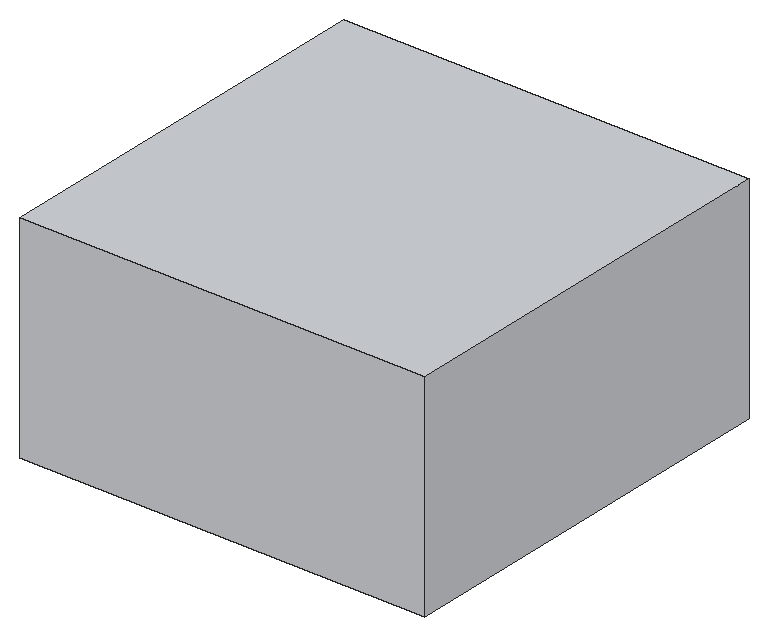
Revit family "f346de48358147efb2a7b675535beee2", category Electrical Fixtures, Revit 2021
Family settings
  Maintain Annotation Orientation = No
  Round Connector Dimension = Use Diameter
  Part Type = Junction Box
  OmniClass Number = 23.80.30.14.24
  OmniClass Title = Junction Boxes
  Seek Item ID = Junction Boxes - Load-0000-USA-ENU
  Work Plane-Based = No
  Always vertical = Yes
  Cut with Voids When Loaded = No
  Shared = No
  Room Calculation Point = No
Parameters (values of type "4" Square 120 - 1")
  Width = 0' - 4"
  Voltage = 120 V
  Power Factor [instance] = 1
  Number of Poles = 1
  Load Classification = Power
  Load [instance] = 500 VA
  Height = 0' - 4"
  Depth = 0' - 2 1/8"
  Default Elevation = 0' - 0"
Types (7): name | Voltage | Number of Poles
  (no name) | 120 V | 1
  4" Square 120 - 1 | 120 V | 1
  4" Square 208 - 2 | 208 V | 2
  4" Square 208- 3 | 208 V | 3
  4" Square 277- 1 | 277 V | 1
  4" Square 480- 2 | 480 V | 2
  4" Square 480- 3 | 480 V | 3
Reference planes (in)
  plane 1 "Center (Front/Back)": y = 0
  plane 2: z = 0
  plane 3 "Center (Left/Right)": x = 0
  plane 4: y = 2
  plane 5: y = -2
  plane 6: x = -2
  plane 7: x = 2
  plane 8: z = 2.125
Forms (in)
  Extrusion 1, solid
    sketch origin (0, 0, 0) x (1, 0, 0) y (0, 1, 0)
      loop
        line (-2, 2) -> (-2, -2) -> (2, -2) -> (2, 2) -> (-2, 2)
    from 0 to 2.125
Lines and regions (in)
  symbolic lines, detail levels fine
    curve 1: line (-2, 2, 0) -> (2, 2, 0)
    curve 2: line (-2, -2, 0) -> (-2, 2, 0)
    curve 3: line (2, -2, 0) -> (-2, -2, 0)
    curve 4: line (2, 2, 0) -> (2, -2, 0)
Dimensions and locks (in)
  equal spacing: plane 6, plane 3 "Center (Left/Right)", plane 7
  equal spacing: plane 4, plane 1 "Center (Front/Back)", plane 5
  "Height": plane 6 to plane 7
  "Width": plane 4 to plane 5
  "Depth": level to plane 8
  aligned and locked: plane 6 to Extrusion 1 sketch curve
  aligned and locked: Extrusion 1 sketch curve to plane 4
  aligned and locked: plane 5 to Extrusion 1 sketch curve
  aligned and locked: plane 7 to Extrusion 1 sketch curve
  aligned and locked: plane 8 to Extrusion 1
  aligned and locked: plane 1 "Center (Front/Back)" to nested 1
  aligned and locked: plane 3 "Center (Left/Right)" to nested 1
Automatic sketch dimensions
  curve 3 to plane 5 = 0' - 0"
  curve 3 to plane 6 = 0' - 0"
  curve 3 to plane 7 = 0' - 0"
  curve 2 to plane 4 = 0' - 0"
Nested families (in)
  nested 1: "Junction Boxes Annotation" at (0, 0, 0), type "Junction Boxes Annotation", detail levels coarse+medium
Connectors (in)
  electrical at (0, 0, 2.125), driven by "Power Factor", driven by "Load", driven by "Voltage", driven by "Load", driven by "Number of Poles", driven by "Load Classification"
    settings: on Extrusion 1, index 1, voltage 120 V, apparent load 500 VA, apparent load phase1 500 VA, apparent load phase2 0 VA, apparent load phase3 0 VA, power factor 1, load classification "Power", number of poles 1, system type 30, power factor state 1, is connector primary yes, connector utility no, sub classification motor no, connector description ""
Definition of nested family "Junction Boxes Annotation"
  Parameters
    Label = "J"
  Reference planes (in)
    plane 1: y = 0
    plane 2: x = 0
  Lines and regions (in)
    detail lines
      curve 1: circle (0, 0, 0) r 0.09375 normal (0, 0, 1)
  Text (in)
    label "J" at (-0.02653, -0.0091, 0), shows "Label"
  Dimensions and locks (in)
    aligned and locked: plane 1 to curve 1
    aligned and locked: plane 2 to curve 1
